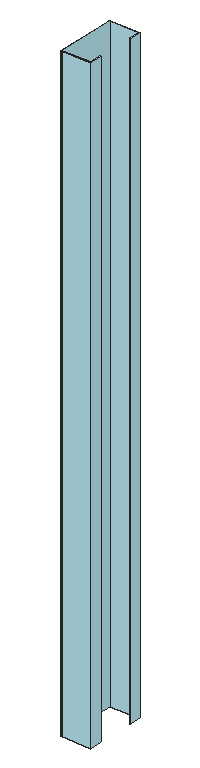
Revit family "lg100x50x20x1-6", category 機械設備, Revit 2022
Family settings
  丸型コネクタ寸法 = 直径を使用
  種別 = なし
  パーツ タイプ = 標準
  作業面ベース = いいえ
  常に垂直 = はい
  ロード時にボイドで切り取り = いいえ
  注釈の向きを維持 = いいえ
  共有 = いいえ
  部屋計算ポイント = いいえ
Parameters
  製造元 = "株式会社桐井製作所"
  既定の高さ = 0 mm
  URL = "https://www.kirii.co.jp/"
  K_長さ(mm) [instance] = 1000 mm
  K_材質 = "SSC400"
  K_断面積A(mm2) = 367.1
  K_断面係数Zy(mm3) = 4462
  K_断面係数Zx(mm3) = 11680
  K_断面2次半径iy(mm) = 19.5
  K_断面2次半径ix(mm) = 39.9
  K_断面2次モーメントIy(mm4) = 139800
  K_断面2次モーメントIx(mm4) = 584100
  K_外形寸法(mm) = "100×50×20×1.6"
  K_品名 = "(JIS)100×50×20×1.6"
  K_名称 = "補強材"
  K_単位質量(kg/m) = 2.924
  K_ヤング係数E(N/mm2) = 205000
  K_バージョン情報 = "20210524"
  K_めっき付着量 = "Z12"
  K_JIS規格 = "JIS G 3350"
Reference planes
  plane 1 "中心(正面/背面)": y = 0
  plane 2: z = 0
  plane 3 "中心(左/右)": x = 0
  plane 4: z = 1000
  plane 5: y = 100
Forms (mm)
  Extrusion 1, solid
    sketch origin (0, 0, 0) x (1, 0, 0) y (0, 1, 0)
      loop
        line (0, 0) -> (50, 0) -> (50, 20) -> (48.4, 20) -> (48.4, 1.6) -> (1.6, 1.6) -> (1.6, 98.4) -> (48.4, 98.4) -> (48.4, 80) -> (50, 80) -> (50, 100) -> (0, 100) -> (0, 0)
    from 0 to 1000
Dimensions and locks
  "K_長さ(mm)": plane 4 to plane 2
  aligned and locked: level to plane 2
  aligned and locked: plane 4 to Extrusion 1
  aligned and locked: plane 5 to Extrusion 1  (x2)
Automatic sketch dimensions
  Extrusion 1 sketch curve to plane 3 "中心(左/右)" = 0 mm
  plane 1 "中心(正面/背面)" to Extrusion 1 sketch curve = 0 mm
  plane 3 "中心(左/右)" to Extrusion 1 sketch curve = 1.6 mm
  Extrusion 1 sketch curve to plane 1 "中心(正面/背面)" = 20 mm
  Extrusion 1 sketch curve to Extrusion 1 sketch curve = 46.8 mm  (x2)
  Extrusion 1 sketch curve to Extrusion 1 sketch curve = 1.6 mm  (x3)
  Extrusion 1 sketch curve to plane 1 "中心(正面/背面)" = 1.6 mm
  Extrusion 1 sketch curve to Extrusion 1 sketch curve = 60 mm
  Extrusion 1 sketch curve to Extrusion 1 sketch curve = 18.4 mm
